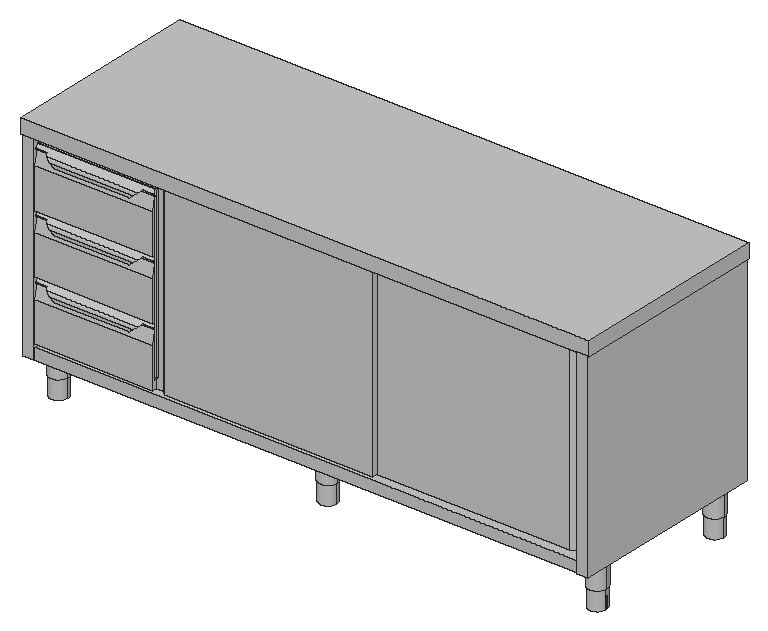
Revit family "QF_ELECTROLUXPROFESSIONAL_133264_MTA2000SXPN", category Attrezzature speciali, Revit 2020
Family settings
  Quota connettore circolare = Usa diametro
  Tipo di parte = Normale
  Basato su piano di lavoro = No
  Sempre verticale = Sì
  Taglio con vuoti quando caricato = No
  Condiviso = No
  Punto di calcolo locali = No
Parameters (values of type "Standard")
  Weight = 80.00 kg
  Watts = 0 W
  Volts = 0 V
  URL Manufacturer = "https://www.electroluxprofessional.com/"
  URL = "https://www.electroluxprofessional.com/"
  Steam Supply Size = 0 mm
  Steam Supply Minimum Pressure = 0.0 Pa
  Steam Supply Maximum Pressure = 0.0 Pa
  Steam Consumption per Hour = 0
  Refrigeration Suction Line Size = 0.0 mm
  Refrigeration Liquid Line Size = 0.0 mm
  Refrigerant Compressor Remote = yes
  Prospetto di default = 0.0 mm
  Phase = 0
  Modello = "MTA2000SXPN"
  Produttore = "Electrolux Professional"
  Length Actual = 2000.0 mm  # constant formula
  Item Number = "133264"
  Hot Water Size = 0 mm
  Height Actual = 900.0 mm  # constant formula
  HP = "0 HP"
  Gas Size = 0 mm
  Gas KW = 0
  Gas Input Pressure = 0 W
  Direct Waste Size = 0 mm
  Descrizione = "TABLE W/3 L/H DRAWERS+2 SLIDING D.2000MM"
  Depth Actual = 700.0 mm  # constant formula
  Cycle = 0 Hz
  Condensate Return Size = 0 mm
  Compressed Air Volume = 0.0 L/s
  Compressed Air Size = 0 mm
  Compressed Air Pressure = 0.0 Pa
  Cold Water Size = 0 mm
  Accessory = yes
Reference planes
  plane 1 "Center (Front/Back)": y = 0
  plane 2: z = 0
  plane 3 "BACK": y = 350
  plane 4 "FRONT": y = -350
  plane 5 "TOP": z = 900
  plane 6: y = 270
  plane 7: y = -247
  plane 8 "FEET": z = 150
  plane 9: y = -344.5
  plane 10 "BaseTop": z = 850
  plane 11: y = 344.5
  plane 12 "Center (Left/Right)": x = -200
  plane 13: x = 9
  plane 14 "Right": x = 800
  plane 15 "Left": x = -1200
  plane 16: x = 754
  plane 17: x = -1154
  plane 18: x = 756.5
  plane 19: x = -738.5
  plane 20: x = 33.5
  plane 21: x = -15.5
  plane 22: x = 794.5
  plane 23: x = -736
  plane 24: x = -1156.5
  plane 25: x = 747
  plane 26: x = -1147
  plane 27: x = -1194.5
Forms (mm)
  Extrusion 1, solid, material "QF_Finishes_Stainless Steel"
    sketch origin (-400, 0, 150) x (1, 0, 0) y (0, 1, 0)
      loop
        line (1194.5, 350) -> (1156.5, 350) -> (1156.5, -350) -> (1194.5, -350) -> (1194.5, 350)
      loop
        line (-756.4, 350) -> (-794.5, 350) -> (-794.5, -344.5) -> (-756.4, -344.5) -> (-756.4, 350)
    from 0 to 700
  Extrusion 2, solid, material "QF_Finishes_Stainless Steel"
    sketch origin (-400, 0, 150) x (1, 0, 0) y (0, 1, 0)
      loop
        line (1156.5, 347) -> (-756.5, 347) -> (-756.5, -344.5) -> (1156.5, -344.5) -> (1156.5, 347)
    from 0 to 40
  Extrusion 3, solid, material "QF_Finishes_Stainless Steel"
    sketch origin (-433, 0, 150) x (1, 0, 0) y (0, 1, 0)
      loop
        line (417.5, -324.5) -> (1146.034, -324.5) -> (1166.034, -307.5) -> (1185, -307.5) -> (1185, -315.812) -> (1176.312, -324.5) -> (1177.942, -326.129) -> (1187, -317.071) -> (1187, -304.5) -> (417.5, -304.5) -> (417.5, -324.5)
    from 700 to 50
  Extrusion 4, void
    sketch origin (-400, -350, 0) x (1, 0, 0) y (0, 0, -1)
      loop
        line (1142.418, -247.973) -> (1156.5, -229.369) -> (1156.5, -191.4) -> (1142.418, -191.4) -> (1142.418, -247.973)
      loop
        line (1142.418, -816.627) -> (1142.418, -850) -> (1156.5, -850) -> (1156.5, -835.231) -> (1142.418, -816.627)
    from 20.5 to 40.5
  Extrusion 5, solid, material "QF_Finishes_Stainless Steel"
    sketch origin (-400, 0, 150) x (1, 0, 0) y (0, 1, 0)
      loop
        line (-756.5, 350) -> (-756.5, 327) -> (1156.5, 327) -> (1156.5, 350) -> (-756.5, 350)
    from 700 to 40
  Extrusion 6, solid, material "QF_Finishes_Stainless Steel"
    sketch origin (9, 0, 0) x (0, 1, 0) y (0, 0, -1)
      loop
        line (-350, -900) -> (350, -900) -> (350, -850) -> (-350, -850) -> (-350, -900)
    from 1209 to -791
  Extrusion 7, solid, material "QF_Finishes_Stainless Steel"
    sketch origin (447, -20, 150) x (-1, 0, 0) y (0, -1, 0)
      loop
        line (413.5, 324.5) -> (413.5, 304.5) -> (1183, 304.5) -> (1183, 319.071) -> (1175.942, 326.129) -> (1174.312, 324.5) -> (1181, 317.812) -> (1181, 309.5) -> (1164.034, 309.5) -> (1144.034, 324.5) -> (413.5, 324.5)
    from 700 to 50
  Extrusion 8, void
    sketch origin (414, -350, 0) x (-1, 0, 0) y (0, 0, 1)
      loop
        line (1140.418, 247.973) -> (1140.418, 191.4) -> (1152.5, 191.4) -> (1152.5, 229.369) -> (1140.418, 247.973)
      loop
        line (1140.418, 816.627) -> (1152.5, 835.231) -> (1152.5, 850) -> (1140.418, 850) -> (1140.418, 816.627)
    from 2.49 to 20.5
  Extrusion 9, solid, material "QF_Finishes_Stainless Steel"
    sketch origin (0, 0, 850) x (-1, 0, 0) y (0, -1, 0)
      loop
        line (-756.5, 304.5) -> (-756.5, 299.5) -> (-754, 299.5) -> (-754, 304.5) -> (-756.5, 304.5)
    from 0 to -2
Cuts and joins
  Extrusion 4 cuts Extrusion 1
  Extrusion 4 cuts Extrusion 3
  Extrusion 4 cuts Extrusion 6
  Extrusion 8 cuts Extrusion 7
Lines and regions (mm)
  symbolic lines, style "SpecialityEquipment"
    curve 1: line (-1200, 350, 850) -> (800, 350, 850)
    curve 2: line (-1200, -350, 850) -> (-1200, 350, 850)
    curve 3: line (800, -350, 850) -> (-1200, -350, 850)
    curve 4: line (800, 350, 850) -> (800, -350, 850)
    curve 10: line (-1200, 337, 850) -> (800, 337, 850)
  symbolic lines, style "SpecialityEquipmentHiddenLines"
    curve 5: line (33.5, -324.5, 200) -> (33.5, -344.5, 200)
    curve 6: line (-631.5, -344.5, 850) -> (99.034, -344.5, 850)
    curve 7: line (99.034, -344.5, 850) -> (119.034, -329.5, 850)
    curve 8: line (119.034, -329.5, 850) -> (138, -329.5, 850)
    curve 9: line (138, -329.5, 850) -> (138, -324.5, 850)
    curve 11: line (754, -304.5, 850) -> (-15.5, -304.5, 850)
    curve 12: line (-15.5, -304.5, 850) -> (-15.5, -324.5, 850)
    curve 13: line (-736, -324.5, 850) -> (713.034, -324.5, 850)
    curve 14: line (713.034, -324.5, 850) -> (733.034, -309.5, 850)
    curve 15: line (733.034, -309.5, 850) -> (754, -309.5, 850)
    curve 16: line (754, -309.5, 850) -> (754, -304.5, 850)
    curve 17: line (-697.034, -344.5, 850) -> (-717.034, -329.5, 850)
    curve 18: line (-717.034, -329.5, 850) -> (-736, -329.5, 850)
    curve 19: line (-736, -329.5, 850) -> (-736, -324.5, 850)
Dimensions and locks
  plane 3 "BACK" to plane 4 "FRONT" = 700.0 mm
  equal spacing: plane 3 "BACK", plane 1 "Center (Front/Back)", plane 4 "FRONT"
  locked: plane 8 "FEET" to level at 150
  locked: plane 3 "BACK" to plane 6 at 80
  locked: plane 7 to plane 4 "FRONT" at 103
  plane 9 to plane 4 "FRONT" = 5.5 mm  (x2)
  plane 3 "BACK" to plane 11 = 5.5 mm
  locked: plane 5 "TOP" to level at 900
  plane 20 to plane 21 = 49.0 mm
  equal spacing: plane 20, plane 13, plane 21
  locked: plane 14 "Right" to plane 22 at 5.5
  locked: plane 22 to plane 18 at 38
  locked: plane 23 to plane 19 at 2.5
  equal spacing: plane 16, plane 13, plane 23
  locked: plane 16 to plane 23 at 1490
  locked: plane 14 "Right" to plane 15 "Left" at 2000
  locked: plane 25 to plane 22 at 47.5
  locked: plane 27 to plane 15 "Left" at 5.5
  locked: plane 24 to plane 27 at 38
  locked: plane 17 to plane 24 at 2.5
  locked: plane 27 to plane 26 at 47.5
  plane 14 "Right" to plane 15 "Left" = 2000.0 mm
  locked: plane 18 to plane 16 at 2.5
  aligned and locked: level to plane 2
  aligned and locked: Extrusion 1 to plane 18
  aligned and locked: plane 18 to Extrusion 2
  aligned and locked: Extrusion 3 to plane 21
  aligned and locked: nested 4 to nested 2
  aligned and locked: plane 18 to Extrusion 5
  aligned and locked: plane 14 "Right" to Extrusion 6
  aligned and locked: Extrusion 6 to plane 15 "Left"
  aligned and locked: plane 24 to Extrusion 2 sketch curve
  aligned and locked: nested 1 to plane 25
  aligned and locked: nested 3 to nested 1
  aligned and locked: nested 2 to plane 26
  aligned and locked: nested 6 to nested 5
  aligned and locked: plane 24 to Extrusion 5
  aligned and locked: curve 5 to cut or joined group of Extrusion 7, Extrusion 8
  aligned and locked: nested 7 to plane 17
Automatic sketch dimensions
  curve 5 to plane 9 = 0.0 mm
  plane 9 to curve 5 = 20.0 mm
  Extrusion 6 sketch curve to plane 4 "FRONT" = 0.0 mm
  Extrusion 6 sketch curve to plane 3 "BACK" = 0.0 mm
  Extrusion 6 sketch curve to plane 10 "BaseTop" = 0.0 mm
  Extrusion 7 sketch curve to plane 20 = 0.0 mm
  Extrusion 7 sketch curve to plane 9 = 0.0 mm  (x2)
  Extrusion 7 sketch curve to plane 23 = 0.0 mm
  Extrusion 7 sketch curve to plane 23 = 38.966 mm
  Extrusion 7 sketch curve to plane 23 = 18.966 mm
  Extrusion 7 sketch curve to plane 23 = 8.688 mm
  Extrusion 7 sketch curve to plane 9 = 1.629 mm
  Extrusion 7 sketch curve to Extrusion 7 sketch curve = 1.629 mm
  Extrusion 7 sketch curve to plane 23 = 2.0 mm
  plane 9 to Extrusion 7 sketch curve = 15.0 mm
  Extrusion 7 sketch curve to Extrusion 7 sketch curve = 5.0 mm
  Extrusion 8 sketch curve to plane 10 "BaseTop" = 0.0 mm
  plane 19 to Extrusion 8 sketch curve = 0.0 mm  (x2)
  Extrusion 8 sketch curve to plane 23 = 9.582 mm  (x2)
  Extrusion 8 sketch curve to Extrusion 8 sketch curve = 14.769 mm
  Extrusion 8 sketch curve to Extrusion 8 sketch curve = 18.604 mm  (x2)
  plane 8 "FEET" to Extrusion 8 sketch curve = 97.973 mm
  Extrusion 8 sketch curve to Extrusion 8 sketch curve = 37.969 mm
  curve 4 to plane 3 "BACK" = 0.0 mm
  curve 4 to plane 14 "Right" = 0.0 mm
  curve 16 to plane 16 = 0.0 mm
  curve 6 to plane 9 = 0.0 mm
  curve 12 to plane 21 = 0.0 mm
  curve 17 to plane 9 = 0.0 mm
  curve 18 to plane 23 = 0.0 mm
  curve 3 to plane 4 "FRONT" = 0.0 mm
  curve 3 to plane 15 "Left" = 0.0 mm
  plane 25 to curve 14 = 13.966 mm
  curve 14 to curve 13 = 20.0 mm
  plane 9 to curve 8 = 15.0 mm
  curve 8 to plane 20 = 104.5 mm
  curve 8 to curve 8 = 18.966 mm
  curve 7 to curve 6 = 20.0 mm
  curve 18 to curve 18 = 18.966 mm
  plane 9 to curve 11 = 40.0 mm
  curve 11 to curve 16 = 5.0 mm
  plane 9 to curve 13 = 20.0 mm
  curve 13 to curve 19 = 5.0 mm
  curve 6 to curve 17 = 85.534 mm
  curve 17 to curve 17 = 20.0 mm
  curve 10 to plane 11 = 7.5 mm
  Extrusion 1 sketch curve to plane 9 = 0.0 mm
  Extrusion 1 sketch curve to plane 27 = 0.0 mm
  Extrusion 1 sketch curve to plane 3 "BACK" = 0.0 mm  (x2)
  Extrusion 1 sketch curve to plane 18 = 0.0 mm
  Extrusion 1 sketch curve to plane 4 "FRONT" = 0.0 mm
  Extrusion 1 sketch curve to plane 22 = 0.0 mm
  plane 24 to Extrusion 1 sketch curve = 0.1 mm
  Extrusion 2 sketch curve to plane 9 = 0.0 mm
  Extrusion 2 sketch curve to plane 18 = 0.0 mm
  plane 11 to Extrusion 2 sketch curve = 2.5 mm
  Extrusion 3 sketch curve to plane 21 = 0.0 mm
  Extrusion 3 sketch curve to plane 16 = 0.0 mm
  plane 25 to Extrusion 3 sketch curve = 33.966 mm
  plane 25 to Extrusion 3 sketch curve = 13.966 mm
  plane 25 to Extrusion 3 sketch curve = 3.688 mm
  plane 25 to Extrusion 3 sketch curve = 2.058 mm
  plane 16 to Extrusion 3 sketch curve = 2.0 mm
  plane 4 "FRONT" to Extrusion 3 sketch curve = 23.871 mm
  plane 9 to Extrusion 3 sketch curve = 20.0 mm
  Extrusion 3 sketch curve to Extrusion 3 sketch curve = 1.629 mm
  Extrusion 3 sketch curve to Extrusion 3 sketch curve = 8.312 mm
  Extrusion 3 sketch curve to Extrusion 3 sketch curve = 20.0 mm
  Extrusion 4 sketch curve to plane 10 "BaseTop" = 0.0 mm
  plane 18 to Extrusion 4 sketch curve = 0.0 mm  (x2)
  plane 25 to Extrusion 4 sketch curve = 4.582 mm  (x2)
  Extrusion 4 sketch curve to Extrusion 4 sketch curve = 14.769 mm
  Extrusion 4 sketch curve to Extrusion 4 sketch curve = 18.604 mm  (x2)
  plane 8 "FEET" to Extrusion 4 sketch curve = 97.973 mm
  Extrusion 4 sketch curve to Extrusion 4 sketch curve = 37.969 mm
  Extrusion 5 sketch curve to plane 3 "BACK" = 0.0 mm
  Extrusion 5 sketch curve to plane 24 = 0.0 mm
  Extrusion 5 sketch curve to plane 18 = 0.0 mm
  Extrusion 5 sketch curve to plane 11 = 17.5 mm
  Extrusion 9 sketch curve to plane 16 = 0.0 mm
  plane 18 to Extrusion 9 sketch curve = 0.0 mm
  plane 9 to Extrusion 9 sketch curve = 45.0 mm
  Extrusion 9 sketch curve to Extrusion 9 sketch curve = 5.0 mm
  Extrusion 6 sketch curve to plane 5 "TOP" = 0.0 mm
Nested families
  nested 1: "FEET_D60-150" at (747, -247, 0) x (-1, 0, 0) z (0, 0, 1), type "FEET_D60-150"
  nested 2: "FEET_D60-150" at (-1147, -247, 0) x (-1, 0, 0) z (0, 0, 1), type "FEET_D60-150"
  nested 3: "FEET_D60-150" at (747, 270, 0) x (-1, 0, 0) z (0, 0, 1), type "FEET_D60-150"
  nested 4: "FEET_D60-150" at (-1147, 270, 0) x (-1, 0, 0) z (0, 0, 1), type "FEET_D60-150"
  nested 5: "FEET_D60-150" at (-200, -247, 0) x (-1, 0, 0) z (0, 0, 1), type "FEET_D60-150"
  nested 6: "FEET_D60-150" at (-200, 270, 0) x (-1, 0, 0) z (0, 0, 1), type "FEET_D60-150"
  nested 7: "H637_600_3DRAWERS" at (-910.458, -304.5, 152) x (-1, 0, 0) z (0, -1, 0), type "H637_600_3DRAWERS"
    with Show Clearance yes
Definition of nested family "FEET_D60-150"
  Parameters
    Default Elevation = 0.0 mm
    FEET = 150.0 mm
  Reference planes
    plane 1 "Center (Front/Back)": y = 0
    plane 2: z = 0
    plane 3 "Center (Left/Right)": x = 0
    plane 4: z = 150
  Forms (mm)
    Extrusion 1, solid
      sketch origin (0, 0, 0) x (1, 0, 0) y (0, 1, 0)
        loop
          circle (0, 0) r 28
      from 0 to 67
    Revolve 2, solid
      sketch origin (0, 0, 0) x (1, 0, 0) y (0, 0, 1)
        loop
          line (0, 0) -> (0, 150) -> (-32.939, 150) -> (-32.939, 67) -> (-30, 67) -> (-30, 0) -> (0, 0)
        axis (0, 150) -> (0, 0)
      angle from 0 to 360
  Lines and regions (mm)
    symbolic lines
      curve 1: line (0, -1.503, 0) -> (0, 1.508, 0)
      curve 2: line (1.561, 0, 0) -> (-1.439, 0, 0)
  Dimensions and locks
    "FEET": plane 4 to plane 2
    aligned and locked: level to plane 2
  Automatic sketch dimensions
    plane 1 "Center (Front/Back)" to Extrusion 1 sketch curve = 0.0 mm
    Extrusion 1 sketch curve to plane 3 "Center (Left/Right)" = 0.0 mm
    plane 1 "Center (Front/Back)" to curve 2 = 0.0 mm
    curve 1 to plane 3 "Center (Left/Right)" = 0.0 mm
    curve 2 to plane 3 "Center (Left/Right)" = 1.439 mm
    plane 3 "Center (Left/Right)" to curve 2 = 1.561 mm
    plane 1 "Center (Front/Back)" to curve 1 = 1.503 mm
    curve 1 to plane 1 "Center (Front/Back)" = 1.508 mm
    Revolve 2 sketch curve to plane 4 = 0.0 mm
    Revolve 2 sketch curve to level = 0.0 mm
    Revolve 2 sketch curve to plane 3 "Center (Left/Right)" = 0.0 mm  (x2)
    Revolve 2 sketch curve to plane 3 "Center (Left/Right)" = 30.0 mm
    Revolve 2 sketch curve to plane 3 "Center (Left/Right)" = 32.939 mm
    level to Revolve 2 sketch curve = 67.0 mm
    Revolve 2 sketch curve to level = 42.207 mm
    Revolve 2 sketch curve to Revolve 2 sketch curve = 10.0 mm
    radius of Extrusion 1 sketch curve = 28.0 mm
Definition of nested family "H637_600_3DRAWERS"
  Parameters
    Width = 419.0 mm
    Show Clearance [instance] = yes
    Model = "727995"
    Height = 700.0 mm
    Default Elevation = 0.0 mm
  Reference planes
    plane 1 "Center (Front/Back)": y = 0
    plane 2: z = 0
    plane 3 "Center (Left/Right)": x = 36.042
    plane 4 "panel": z = 25
    plane 5 "Left": x = -173.458
    plane 6 "Right": x = 245.542
    plane 7: y = 700
    plane 8: z = 45
    plane 9: x = 243.542
    plane 10: x = -171.458
    plane 11: y = 676
    plane 12: y = 38
    plane 13: z = 499.734
    plane 14: y = 470
    plane 15: y = 465
    plane 16: y = 259
    plane 17: y = 254
    plane 18: y = 48
  Forms (mm)
    Extrusion 1, solid
      sketch origin (0, -919.2, 0) x (1, 0, 0) y (0, 1, 0)
        loop
          line (-980.5, 2119.2) -> (-980.5, -162.846) -> (881.94, -162.846) -> (881.94, 2119.2) -> (-980.5, 2119.2)
      from 0 to -59.546
    Extrusion 2, solid
      sketch origin (36.042, -645.693, 0) x (0, 1, 0) y (0, 0, 1)
        loop
          line (856.63, 49.734) -> (856.63, 47.734) -> (866.98, 47.734)
          arc (866.98, 47.734) -> (873.586, 46.42) -> (879.186, 42.679) r 17.261
          line (879.186, 42.679) -> (896.019, 25.845) -> (899.693, 25) -> (880.6, 44.093)
          arc (880.6, 44.093) -> (874.351, 48.268) -> (866.98, 49.734) r 19.261
          line (866.98, 49.734) -> (856.63, 49.734)
      from -207.5 to 207.5
    Extrusion 3, solid, detail levels coarse
      sketch origin (0, 0, 0) x (1, 0, 0) y (0, 0, 1)
        loop
          line (-171.458, 40) -> (243.542, 40) -> (243.542, 499.734) -> (-171.458, 499.734) -> (-171.458, 40)
      from -48 to -254
    Extrusion 4, solid
      sketch origin (36.042, -616, 0) x (0, 1, 0) y (0, 0, 1)
        loop
          line (664.4, 40) -> (664.4, 0) -> (870, 0) -> (870, 25) -> (804.797, 40) -> (664.4, 40)
      from 207.5 to -207.5
    Extrusion 5, void
      sketch origin (0, 0, 0) x (1, 0, 0) y (0, 1, 0)
        loop
          line (-99.744, 213.799) -> (-133.705, 243.322) -> (-166.458, 243.322)
          arc (-166.458, 243.322) -> (-169.994, 244.786) -> (-171.458, 248.322) r 5
          line (-171.458, 248.322) -> (-171.458, 210.937) -> (-91.403, 210.937)
          arc (-91.403, 210.937) -> (-95.762, 211.819) -> (-99.744, 213.799) r 17.035
      from 36.678 to 53.74
    Extrusion 6, void
      sketch origin (72.084, 0, 0) x (-1, 0, 0) y (0, -1, 0)
        loop
          arc (-99.744, -213.799) -> (-95.762, -211.819) -> (-91.403, -210.937) r 17.035
          line (-91.403, -210.937) -> (-171.458, -210.937) -> (-171.458, -248.322)
          arc (-171.458, -248.322) -> (-169.994, -244.786) -> (-166.458, -243.322) r 5
          line (-166.458, -243.322) -> (-133.705, -243.322) -> (-99.744, -213.799)
      from 36.678 to 53.74
    Extrusion 7, solid
      sketch origin (36.042, -434.693, 0) x (0, 1, 0) y (0, 0, 1)
        loop
          line (856.63, 49.734) -> (856.63, 47.734) -> (866.98, 47.734)
          arc (866.98, 47.734) -> (873.586, 46.42) -> (879.186, 42.679) r 17.261
          line (879.186, 42.679) -> (896.019, 25.845) -> (899.693, 25) -> (880.6, 44.093)
          arc (880.6, 44.093) -> (874.351, 48.268) -> (866.98, 49.734) r 19.261
          line (866.98, 49.734) -> (856.63, 49.734)
      from -207.5 to 207.5
    Extrusion 8, solid
      sketch origin (36.042, -405, 0) x (0, 1, 0) y (0, 0, 1)
        loop
          line (664, 40) -> (664, 0) -> (870, 0) -> (870, 25) -> (804.797, 40) -> (664, 40)
      from 207.5 to -207.5
    Extrusion 9, void
      sketch origin (0, 211, 0) x (1, 0, 0) y (0, 1, 0)
        loop
          line (-99.744, 213.799) -> (-133.705, 243.322) -> (-166.458, 243.322)
          arc (-166.458, 243.322) -> (-169.994, 244.786) -> (-171.458, 248.322) r 5
          line (-171.458, 248.322) -> (-171.458, 210.937) -> (-91.403, 210.937)
          arc (-91.403, 210.937) -> (-95.762, 211.819) -> (-99.744, 213.799) r 17.035
      from 36.678 to 53.74
    Extrusion 10, void
      sketch origin (72.084, 211, 0) x (-1, 0, 0) y (0, -1, 0)
        loop
          arc (-99.744, -213.799) -> (-95.762, -211.819) -> (-91.403, -210.937) r 17.035
          line (-91.403, -210.937) -> (-171.458, -210.937) -> (-171.458, -248.322)
          arc (-171.458, -248.322) -> (-169.994, -244.786) -> (-166.458, -243.322) r 5
          line (-166.458, -243.322) -> (-133.705, -243.322) -> (-99.744, -213.799)
      from 36.678 to 53.74
    Extrusion 11, solid
      sketch origin (36.042, -223.693, 0) x (0, 1, 0) y (0, 0, 1)
        loop
          line (856.63, 49.734) -> (856.63, 47.734) -> (866.98, 47.734)
          arc (866.98, 47.734) -> (873.586, 46.42) -> (879.186, 42.679) r 17.261
          line (879.186, 42.679) -> (896.019, 25.845) -> (899.693, 25) -> (880.6, 44.093)
          arc (880.6, 44.093) -> (874.351, 48.268) -> (866.98, 49.734) r 19.261
          line (866.98, 49.734) -> (856.63, 49.734)
      from -207.5 to 207.5
    Extrusion 12, solid
      sketch origin (36.042, -194, 0) x (0, 1, 0) y (0, 0, 1)
        loop
          line (664, 40) -> (664, 0) -> (870, 0) -> (870, 25) -> (804.797, 40) -> (664, 40)
      from 207.5 to -207.5
    Extrusion 13, void
      sketch origin (0, 422, 0) x (1, 0, 0) y (0, 1, 0)
        loop
          line (-99.744, 213.799) -> (-133.705, 243.322) -> (-166.458, 243.322)
          arc (-166.458, 243.322) -> (-169.994, 244.786) -> (-171.458, 248.322) r 5
          line (-171.458, 248.322) -> (-171.458, 210.937) -> (-91.403, 210.937)
          arc (-91.403, 210.937) -> (-95.762, 211.819) -> (-99.744, 213.799) r 17.035
      from 36.678 to 53.74
    Extrusion 14, void
      sketch origin (72.084, 422, 0) x (-1, 0, 0) y (0, -1, 0)
        loop
          arc (-99.744, -213.799) -> (-95.762, -211.819) -> (-91.403, -210.937) r 17.035
          line (-91.403, -210.937) -> (-171.458, -210.937) -> (-171.458, -248.322)
          arc (-171.458, -248.322) -> (-169.994, -244.786) -> (-166.458, -243.322) r 5
          line (-166.458, -243.322) -> (-133.705, -243.322) -> (-99.744, -213.799)
      from 36.678 to 53.74
    Extrusion 15, solid, detail levels coarse
      sketch origin (0, 0, 0) x (1, 0, 0) y (0, 0, 1)
        loop
          line (-171.458, 40) -> (243.542, 40) -> (243.542, 499.734) -> (-171.458, 499.734) -> (-171.458, 40)
      from -259 to -465
    Extrusion 16, solid, detail levels coarse
      sketch origin (0, 0, 0) x (1, 0, 0) y (0, 0, 1)
        loop
          line (-171.458, 40) -> (243.542, 40) -> (243.542, 499.734) -> (-171.458, 499.734) -> (-171.458, 40)
      from -470 to -676
  Cuts and joins
    Extrusion 5, Extrusion 6, Extrusion 9, Extrusion 10 cuts Extrusion 2
    Extrusion 5 cuts Extrusion 4
    Extrusion 9, Extrusion 10, Extrusion 13, Extrusion 14 cuts Extrusion 7
    Extrusion 13, Extrusion 14 cuts Extrusion 11
  Lines and regions (mm)
    symbolic lines
      curve 1: line (243.542, 0, 179.734) -> (243.542, 0, 199.734)
      curve 2: line (212.235, 0, 49.734) -> (-171.458, 0, 49.734)
      curve 3: spline (231.959, 0, 44.389) -> (230.421, 0, 45.265) -> (228.856, 0, 46.066) -> (227.265, 0, 46.791) -> (225.651, 0, 47.437) -> (224.017, 0, 48.005) -> (222.365, 0, 48.493) -> (220.698, 0, 48.9) -> (219.019, 0, 49.226) -> (217.331, 0, 49.471) -> (215.636, 0, 49.633) -> (213.936, 0, 49.712) -> (212.236, 0, 49.71)
      curve 4: line (238.456, 0, 40) -> (231.959, 0, 44.389)
      curve 5: line (243.542, 0, 500) -> (-171.458, 0, 500)
      curve 6: line (243.542, 0, 349.734) -> (-171.458, 0, 349.734)
      curve 7: line (243.542, 0, 199.734) -> (-171.458, 0, 199.734)
      curve 8: line (243.542, 0, 480) -> (-171.458, 0, 480)
      curve 9: line (243.542, 0, 329.734) -> (-171.458, 0, 329.734)
      curve 10: line (243.542, 0, 179.734) -> (-171.458, 0, 179.734)
      curve 11: line (-156.458, 0, 49.734) -> (-156.458, 0, 179.734)
      curve 12: line (-156.458, 0, 349.734) -> (-156.458, 0, 480)
      curve 13: line (-156.458, 0, 199.734) -> (-156.458, 0, 329.734)
      curve 14: line (228.542, 0, 49.734) -> (228.542, 0, 179.734)
      curve 15: line (228.542, 0, 349.734) -> (228.542, 0, 480)
      curve 16: line (228.542, 0, 199.734) -> (228.542, 0, 329.734)
      curve 17: line (243.542, 0, 480) -> (243.542, 0, 500)
      curve 18: line (243.542, 0, 329.734) -> (243.542, 0, 349.734)
      curve 19: line (-171.458, 0, 179.734) -> (-171.458, 0, 199.734)
      curve 20: line (-171.458, 0, 480) -> (-171.458, 0, 500)
      curve 21: line (-171.458, 0, 329.734) -> (-171.458, 0, 349.734)
  Dimensions and locks
    plane 4 "panel" to level = 25.0 mm
    "Width": plane 5 "Left" to plane 6 "Right"
    equal spacing: plane 5 "Left", plane 3 "Center (Left/Right)", plane 6 "Right"
    "Height": plane 1 "Center (Front/Back)" to plane 7
    plane 9 to plane 6 "Right" = 2.0 mm
    plane 5 "Left" to plane 10 = 2.0 mm
    plane 7 to plane 11 = 24.0 mm
    plane 1 "Center (Front/Back)" to plane 12 = 38.0 mm
    plane 10 to plane 9 = 415.0 mm
    plane 11 to plane 14 = 206.0 mm
    locked: plane 14 to plane 15 at 5
    plane 15 to plane 16 = 206.0 mm
    locked: plane 16 to plane 17 at 5
    plane 17 to plane 18 = 206.0 mm  (x2)
    plane 16 to plane 17 = 5.0 mm
    plane 14 to plane 15 = 5.0 mm
    plane 16 to plane 15 = 206.0 mm
    plane 14 to plane 11 = 206.0 mm
    aligned and locked: plane 2 to Extrusion 1
    aligned and locked: level to Extrusion 1
    aligned and locked: plane 9 to Extrusion 4
    aligned and locked: plane 10 to Extrusion 4
  Automatic sketch dimensions
    Extrusion 1 sketch curve to Extrusion 1 sketch curve = 1862.44 mm
    Extrusion 1 sketch curve to Extrusion 1 sketch curve = 2282.046 mm
    Extrusion 2 sketch curve to Extrusion 2 sketch curve = 0.0 mm  (x2)
    Extrusion 2 sketch curve to plane 4 "panel" = 0.0 mm
    Extrusion 2 sketch curve to plane 17 = 0.0 mm
    plane 4 "panel" to Extrusion 2 sketch curve = 0.845 mm
    Extrusion 2 sketch curve to plane 17 = 3.674 mm
    Extrusion 2 sketch curve to plane 8 = 0.907 mm
    Extrusion 2 sketch curve to plane 17 = 19.093 mm
    Extrusion 2 sketch curve to plane 8 = 2.321 mm
    Extrusion 2 sketch curve to Extrusion 2 sketch curve = 1.414 mm
    plane 4 "panel" to Extrusion 2 sketch curve = 5.474 mm
    Extrusion 2 sketch curve to Extrusion 2 sketch curve = 12.205 mm
    Extrusion 2 sketch curve to Extrusion 2 sketch curve = 10.351 mm
    Extrusion 4 sketch curve to level = 0.0 mm
    Extrusion 4 sketch curve to plane 4 "panel" = 0.0 mm
    Extrusion 4 sketch curve to plane 17 = 0.0 mm
    Extrusion 4 sketch curve to plane 8 = 5.0 mm
    Extrusion 4 sketch curve to plane 17 = 65.203 mm
    plane 18 to Extrusion 4 sketch curve = 0.4 mm
    Extrusion 7 sketch curve to Extrusion 7 sketch curve = 0.0 mm  (x2)
    Extrusion 7 sketch curve to plane 4 "panel" = 0.0 mm
    Extrusion 7 sketch curve to plane 15 = 0.0 mm
    plane 4 "panel" to Extrusion 7 sketch curve = 0.845 mm
    Extrusion 7 sketch curve to plane 15 = 3.674 mm
    Extrusion 7 sketch curve to plane 8 = 0.907 mm
    Extrusion 7 sketch curve to plane 15 = 19.093 mm
    Extrusion 7 sketch curve to plane 8 = 2.321 mm
    Extrusion 7 sketch curve to Extrusion 7 sketch curve = 1.414 mm
    plane 4 "panel" to Extrusion 7 sketch curve = 5.474 mm
    Extrusion 7 sketch curve to Extrusion 7 sketch curve = 12.205 mm
    Extrusion 7 sketch curve to Extrusion 7 sketch curve = 10.351 mm
    Extrusion 8 sketch curve to plane 16 = 0.0 mm
    Extrusion 8 sketch curve to plane 4 "panel" = 0.0 mm
    Extrusion 8 sketch curve to plane 15 = 0.0 mm
    Extrusion 8 sketch curve to level = 0.0 mm
    Extrusion 8 sketch curve to plane 8 = 5.0 mm
    Extrusion 8 sketch curve to plane 15 = 65.203 mm
    Extrusion 11 sketch curve to Extrusion 11 sketch curve = 0.0 mm  (x2)
    Extrusion 11 sketch curve to plane 4 "panel" = 0.0 mm
    Extrusion 11 sketch curve to plane 11 = 0.0 mm
    plane 4 "panel" to Extrusion 11 sketch curve = 0.845 mm
    Extrusion 11 sketch curve to plane 11 = 3.674 mm
    Extrusion 11 sketch curve to plane 8 = 0.907 mm
    Extrusion 11 sketch curve to plane 11 = 19.093 mm
    Extrusion 11 sketch curve to plane 8 = 2.321 mm
    Extrusion 11 sketch curve to Extrusion 11 sketch curve = 1.414 mm
    plane 4 "panel" to Extrusion 11 sketch curve = 5.474 mm
    Extrusion 11 sketch curve to Extrusion 11 sketch curve = 12.205 mm
    Extrusion 11 sketch curve to Extrusion 11 sketch curve = 10.351 mm
    Extrusion 12 sketch curve to plane 14 = 0.0 mm
    Extrusion 12 sketch curve to plane 4 "panel" = 0.0 mm
    Extrusion 12 sketch curve to plane 11 = 0.0 mm
    Extrusion 12 sketch curve to level = 0.0 mm
    Extrusion 12 sketch curve to plane 8 = 5.0 mm
    Extrusion 12 sketch curve to plane 11 = 65.203 mm
    plane 10 to curve 21 = 0.0 mm
    plane 10 to curve 20 = 0.0 mm
    plane 10 to curve 2 = 0.0 mm
    plane 10 to curve 19 = 0.0 mm
    curve 6 to plane 9 = 0.0 mm
    curve 7 to plane 9 = 0.0 mm
    curve 17 to plane 9 = 0.0 mm
    curve 4 to plane 8 = 0.611 mm
    curve 4 to plane 9 = 11.583 mm
    plane 8 to curve 19 = 134.734 mm
    curve 19 to curve 19 = 20.0 mm
    curve 1 to curve 18 = 130.0 mm
    curve 9 to curve 18 = 20.0 mm
    plane 13 to curve 17 = 19.734 mm
    curve 20 to plane 13 = 0.266 mm
    plane 8 to curve 11 = 4.734 mm
    curve 11 to plane 10 = 15.0 mm
    curve 21 to curve 12 = 15.0 mm
    curve 19 to curve 13 = 15.0 mm
    curve 2 to curve 3 = 19.723 mm
    curve 2 to curve 3 = 0.0 mm
    curve 3 to level = 1.281 mm
    curve 3 to plane 6 "Right" = 32.398 mm
    curve 15 to curve 6 = 15.0 mm
    curve 14 to curve 1 = 15.0 mm
    curve 16 to curve 1 = 15.0 mm
    curve 4 to plane 9 = 5.086 mm
    curve 4 to plane 8 = 5.0 mm
    curve 3 to curve 2 = 0.025 mm
    plane 8 to curve 14 = 4.734 mm
    plane 10 to Extrusion 3 sketch curve = 0.0 mm
    Extrusion 3 sketch curve to plane 9 = 0.0 mm
    Extrusion 3 sketch curve to plane 13 = 0.0 mm
    Extrusion 3 sketch curve to plane 8 = 5.0 mm
    Extrusion 5 sketch curve to plane 10 = 0.0 mm
    Extrusion 5 sketch curve to plane 10 = 5.0 mm
    Extrusion 5 sketch curve to plane 17 = 10.678 mm
    Extrusion 5 sketch curve to Extrusion 5 sketch curve = 32.753 mm
    Extrusion 5 sketch curve to Extrusion 5 sketch curve = 33.961 mm
    Extrusion 5 sketch curve to Extrusion 5 sketch curve = 8.34 mm
    Extrusion 5 sketch curve to Extrusion 5 sketch curve = 9.511 mm
    Extrusion 5 sketch curve to plane 17 = 26.068 mm
    Extrusion 5 sketch curve to Extrusion 5 sketch curve = 14.132 mm
    Extrusion 6 sketch curve to plane 9 = 0.0 mm
    plane 9 to Extrusion 6 sketch curve = 5.0 mm
    plane 17 to Extrusion 6 sketch curve = 10.678 mm
    Extrusion 6 sketch curve to Extrusion 6 sketch curve = 32.753 mm
    Extrusion 6 sketch curve to Extrusion 6 sketch curve = 33.961 mm
    Extrusion 6 sketch curve to Extrusion 6 sketch curve = 8.34 mm
    Extrusion 6 sketch curve to Extrusion 6 sketch curve = 1.171 mm
    plane 17 to Extrusion 6 sketch curve = 26.068 mm
    Extrusion 6 sketch curve to Extrusion 6 sketch curve = 14.132 mm
    Extrusion 9 sketch curve to plane 10 = 0.0 mm
    Extrusion 9 sketch curve to plane 10 = 5.0 mm
    Extrusion 9 sketch curve to plane 15 = 10.678 mm
    Extrusion 9 sketch curve to Extrusion 9 sketch curve = 32.753 mm
    Extrusion 9 sketch curve to Extrusion 9 sketch curve = 33.961 mm
    Extrusion 9 sketch curve to Extrusion 9 sketch curve = 8.34 mm
    Extrusion 9 sketch curve to Extrusion 9 sketch curve = 9.511 mm
    Extrusion 9 sketch curve to plane 15 = 26.068 mm
    Extrusion 9 sketch curve to Extrusion 9 sketch curve = 14.132 mm
    Extrusion 10 sketch curve to plane 9 = 0.0 mm
    plane 9 to Extrusion 10 sketch curve = 5.0 mm
    plane 15 to Extrusion 10 sketch curve = 10.678 mm
    Extrusion 10 sketch curve to Extrusion 10 sketch curve = 32.753 mm
    Extrusion 10 sketch curve to Extrusion 10 sketch curve = 33.961 mm
    Extrusion 10 sketch curve to Extrusion 10 sketch curve = 8.34 mm
    Extrusion 10 sketch curve to Extrusion 10 sketch curve = 1.171 mm
    plane 15 to Extrusion 10 sketch curve = 26.068 mm
    Extrusion 10 sketch curve to Extrusion 10 sketch curve = 14.132 mm
    Extrusion 13 sketch curve to plane 10 = 0.0 mm
    Extrusion 13 sketch curve to plane 10 = 5.0 mm
    Extrusion 13 sketch curve to plane 11 = 10.678 mm
    Extrusion 13 sketch curve to Extrusion 13 sketch curve = 32.753 mm
    Extrusion 13 sketch curve to Extrusion 13 sketch curve = 33.961 mm
    Extrusion 13 sketch curve to Extrusion 13 sketch curve = 8.34 mm
    Extrusion 13 sketch curve to Extrusion 13 sketch curve = 9.511 mm
    Extrusion 13 sketch curve to plane 11 = 26.068 mm
    Extrusion 13 sketch curve to Extrusion 13 sketch curve = 14.132 mm
    Extrusion 14 sketch curve to plane 9 = 0.0 mm
    plane 9 to Extrusion 14 sketch curve = 5.0 mm
    plane 11 to Extrusion 14 sketch curve = 10.678 mm
    Extrusion 14 sketch curve to Extrusion 14 sketch curve = 32.753 mm
    Extrusion 14 sketch curve to Extrusion 14 sketch curve = 33.961 mm
    Extrusion 14 sketch curve to Extrusion 14 sketch curve = 8.34 mm
    Extrusion 14 sketch curve to Extrusion 14 sketch curve = 1.171 mm
    plane 11 to Extrusion 14 sketch curve = 26.068 mm
    Extrusion 14 sketch curve to Extrusion 14 sketch curve = 14.132 mm
    plane 10 to Extrusion 15 sketch curve = 0.0 mm
    Extrusion 15 sketch curve to plane 9 = 0.0 mm
    Extrusion 15 sketch curve to plane 8 = 5.0 mm
    plane 13 to Extrusion 15 sketch curve = 0.0 mm
    plane 10 to Extrusion 16 sketch curve = 0.0 mm
    Extrusion 16 sketch curve to plane 9 = 0.0 mm
    Extrusion 16 sketch curve to plane 8 = 5.0 mm
    plane 8 to Extrusion 16 sketch curve = 454.734 mm
